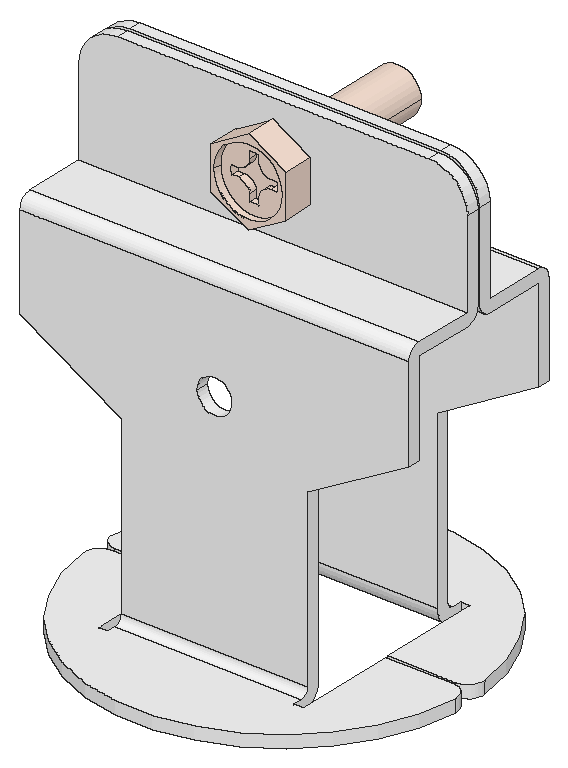
Revit family "Revolveクリップ(C40用)", category 機械設備, Revit 2020
Family settings
  丸型コネクタ寸法 = 直径を使用
  種別 = なし
  パーツ タイプ = 標準
  作業面ベース = いいえ
  常に垂直 = はい
  ロード時にボイドで切り取り = いいえ
  共有 = いいえ
  部屋計算ポイント = いいえ
Parameters
  製造元 = "株式会社桐井製作所"
  既定の高さ = 0 mm
  URL = "https://www.kirii.co.jp/"
  K_許容荷重(鉛直)(N) = 320
  K_品名 = "Revolveクリップ(C40用)"
  K_名称 = "クリップ"
  K_入数 = "100"
  K_バージョン情報 = "20250901"
Reference planes
  plane 1 "中心(正面/背面)": y = 0
  plane 2: z = 0
  plane 3 "中心(左/右)": x = 0
  plane 4: x = 24.999
  plane 5: x = -25.001
Forms (mm)
  Extrusion 1, void
    sketch origin (-25.001, 13.213, 3.69) x (1, 0, 0) y (0, 0, 1)
      loop
        circle (25.001, 28.2) r 2.251
    from 2.013 to 3.613
  Extrusion 2, void
    sketch origin (-25.001, -1.6, -0.1) x (1, 0, 0) y (0, 0, 1)
      loop
        line (0, 62.3) -> (0, 57.4)
        arc (0, 57.4) -> (1.499, 60.871) -> (4.999, 62.3) r 5
        line (4.999, 62.3) -> (0, 62.3)
    from -3.4 to -1.8
  Extrusion 3, solid
    sketch origin (-25.005, 0, 0.991) x (1, 0, 0) y (0, 0, 1)
      loop
        circle (25.005, 53.209) r 4.3
      loop
        circle (25.005, 53.209) r 3
    from -3.4 to -1.6
  Extrusion 4, void
    sketch origin (-25.001, -0.025, -0.21) x (1, 0, 0) y (0, 0, 1)
      loop
        circle (25, 54.399) r 3.5
    from -1.825 to -0.225
  Extrusion 5, solid
    sketch origin (-25.001, -0.4, 0) x (0, -1, 0) y (0, 0, -1)
      loop
        line (-0.6, -62.2) -> (-0.6, -46.2)
        arc (-0.6, -46.2) -> (-1.069, -45.069) -> (-2.2, -44.6) r 1.6
        line (-2.2, -44.6) -> (-10, -44.6) -> (-10, -2.5)
        arc (-10, -2.5) -> (-10.768, -0.697) -> (-12.6, -0.002) r 2.5
        line (-12.6, -0.002) -> (-12.6, -1.6)
        arc (-12.6, -1.6) -> (-11.893, -1.893) -> (-11.6, -2.6) r 1
        line (-11.6, -2.6) -> (-11.6, -44.6)
        arc (-11.6, -44.6) -> (-11.131, -45.731) -> (-10, -46.2) r 1.6
        line (-10, -46.2) -> (-2.2, -46.2) -> (-2.2, -62.2) -> (-0.6, -62.2)
    from 0 to 50
  Extrusion 6, solid
    sketch origin (0, 0, 0) x (1, 0, 0) y (0, 1, 0)
      loop
        arc (23.905, 2.382) -> (0.004, 24.2) -> (-23.896, 2.382) r 24
        arc (-23.896, 2.382) -> (-23.382, 0.852) -> (-21.905, 0.2) r 2
        line (-21.905, 0.2) -> (21.913, 0.2)
        arc (21.913, 0.2) -> (23.39, 0.852) -> (23.905, 2.382) r 2
    from 0 to 1.6
  Extrusion 7, void
    sketch origin (-25.001, 14.825, 0) x (1, 0, 0) y (0, 0, 1)
      loop
        line (0, 32.597) -> (0, -0.495) -> (13, -0.495) -> (13, 25.092) -> (0, 32.597)
    from 2.625 to 5.741
  Extrusion 8, void
    sketch origin (24.999, 14.825, 0) x (-1, 0, 0) y (0, 0, -1)
      loop
        line (0, -32.597) -> (13, -25.092) -> (13, 0.495) -> (0, 0.495) -> (0, -32.597)
    from 2.625 to 5.741
  Extrusion 9, void
    sketch origin (-183.265, 0.2, 0) x (1, 0, 0) y (0, 1, 0)
      loop
        line (171.269, 13.2) -> (170.069, 13.2) -> (170.069, 0) -> (196.469, 0) -> (196.469, 13.2) -> (195.269, 13.2) -> (195.269, 12) -> (171.269, 12) -> (171.269, 13.2)
    from 0 to 1.6
  Extrusion 10, void
    sketch origin (25.001, -1.6, -0.1) x (-1, 0, 0) y (0, 0, -1)
      loop
        line (0, -62.3) -> (4.999, -62.3)
        arc (4.999, -62.3) -> (1.499, -60.871) -> (0, -57.4) r 5
        line (0, -57.4) -> (0, -62.3)
    from -3.4 to -1.8
  Extrusion 11, void
    sketch origin (-25.001, -13.213, 3.69) x (1, 0, 0) y (0, 0, -1)
      loop
        circle (25.001, -28.2) r 2.251
    from 2.013 to 3.613
  Extrusion 12, void
    sketch origin (-25.001, 1.6, -0.1) x (1, 0, 0) y (0, 0, -1)
      loop
        line (0, -62.3) -> (4.999, -62.3)
        arc (4.999, -62.3) -> (1.499, -60.871) -> (0, -57.4) r 5
        line (0, -57.4) -> (0, -62.3)
    from -3.4 to -1.8
  Extrusion 13, void
    sketch origin (-25.001, 0.025, -0.21) x (1, 0, 0) y (0, 0, -1)
      loop
        circle (25, -54.399) r 3.5
    from -1.825 to -0.225
  Extrusion 14, solid
    sketch origin (-25.001, 0.4, 0) x (0, 1, 0) y (0, 0, 1)
      loop
        line (-0.6, 62.2) -> (-2.2, 62.2) -> (-2.2, 46.2) -> (-10, 46.2)
        arc (-10, 46.2) -> (-11.131, 45.731) -> (-11.6, 44.6) r 1.6
        line (-11.6, 44.6) -> (-11.6, 2.6)
        arc (-11.6, 2.6) -> (-11.893, 1.893) -> (-12.6, 1.6) r 1
        line (-12.6, 1.6) -> (-12.6, 0.002)
        arc (-12.6, 0.002) -> (-10.768, 0.697) -> (-10, 2.5) r 2.5
        line (-10, 2.5) -> (-10, 44.6) -> (-2.2, 44.6)
        arc (-2.2, 44.6) -> (-1.069, 45.069) -> (-0.6, 46.2) r 1.6
        line (-0.6, 46.2) -> (-0.6, 62.2)
    from 0 to 50
  Extrusion 15, void
    sketch origin (24.999, -14.825, 0) x (-1, 0, 0) y (0, 0, 1)
      loop
        line (0, 32.597) -> (0, -0.495) -> (13, -0.495) -> (13, 25.092) -> (0, 32.597)
    from 2.625 to 5.741
  Extrusion 16, void
    sketch origin (-183.265, -0.2, 0) x (1, 0, 0) y (0, 1, 0)
      loop
        line (171.269, -13.2) -> (171.269, -12) -> (195.269, -12) -> (195.269, -13.2) -> (196.469, -13.2) -> (196.469, 0) -> (170.069, 0) -> (170.069, -13.2) -> (171.269, -13.2)
    from 0 to 1.6
  Extrusion 17, void
    sketch origin (25.001, 1.6, -0.1) x (-1, 0, 0) y (0, 0, 1)
      loop
        line (0, 62.3) -> (0, 57.4)
        arc (0, 57.4) -> (1.499, 60.871) -> (4.999, 62.3) r 5
        line (4.999, 62.3) -> (0, 62.3)
    from -3.4 to -1.8
  Extrusion 18, void
    sketch origin (-24.999, -14.825, 0) x (1, 0, 0) y (0, 0, -1)
      loop
        line (0, -32.597) -> (13, -25.092) -> (13, 0.495) -> (0, 0.495) -> (0, -32.597)
    from 2.625 to 5.741
  Extrusion 19, solid
    sketch origin (0, 0, 0) x (1, 0, 0) y (0, 1, 0)
      loop
        arc (23.905, -2.382) -> (23.39, -0.852) -> (21.913, -0.2) r 2
        line (21.913, -0.2) -> (-21.905, -0.2)
        arc (-21.905, -0.2) -> (-23.382, -0.852) -> (-23.896, -2.382) r 2
        arc (-23.896, -2.382) -> (0.004, -24.2) -> (23.905, -2.382) r 24
    from 0 to 1.6
Cuts and joins
  Extrusion 1, Extrusion 2, Extrusion 4, Extrusion 7, Extrusion 8, Extrusion 10, Extrusion 11, Extrusion 12, Extrusion 13, Extrusion 15 cuts Extrusion 5
  Extrusion 9, Extrusion 15, Extrusion 16 cuts Extrusion 6
  joined: Extrusion 5, Extrusion 6
  Extrusion 13 cuts Extrusion 3
  Extrusion 11, Extrusion 12, Extrusion 15, Extrusion 17, Extrusion 18 cuts Extrusion 14
  Extrusion 16 cuts Extrusion 19
  joined: Extrusion 14, Extrusion 19
Dimensions and locks
  aligned and locked: level to plane 2
Nested families
  nested 1: "M6×20ボルト" at (0.011, -1.8, 54.419), type "M6×20ボルト"
Definition of nested family "M6×20ボルト"
  Parameters (values of type "M6×20ボルト")
    Manufacturer = "株式会社桐井製作所"
    Default Elevation = 0 mm
    URL = "https://www.kirii.co.jp/"
    K_材料規格 = "M6×L20"
    K_品名 = "M6×20ボルト"
    K_名称 = "ボルト"
  Reference planes
    plane 1 "中心(正面/背面)": y = 0
    plane 2: z = 0
    plane 3 "中心(左/右)": x = 0
    plane 4 "正面": y = -4
  Forms (mm)
    Extrusion 1, solid
      sketch origin (0, 0, 0) x (1, 0, 0) y (0, 0, 1)
        loop
          line (-4.763, -2.946) -> (0, -5.696) -> (4.763, -2.946) -> (4.763, 2.554) -> (0, 5.304) -> (-4.763, 2.554) -> (-4.763, -2.946)
      from 0 to 4
    Extrusion 2, void
      sketch origin (0, -4, 0) x (-1, 0, 0) y (0, 0, 1)
        loop
          circle (0, -0.156) r 4.396
      from 0 to 1
    Extrusion 3, void
      sketch origin (0, -4, 0) x (-1, 0, 0) y (0, 0, 1)
        loop
          arc (-0.6, 1.814) -> (-1.069, 0.856) -> (-2.036, 0.404) r 1.605
          line (-2.036, 0.404) -> (-2.939, 0.404)
          arc (-2.939, 0.404) -> (-3, -0.195) -> (-2.94, -0.795) r 3
          line (-2.94, -0.795) -> (-2.049, -0.795)
          arc (-2.049, -0.795) -> (-1.074, -1.243) -> (-0.6, -2.206) r 1.605
          line (-0.6, -2.206) -> (-0.6, -3.135)
          arc (-0.6, -3.135) -> (0, -3.196) -> (0.6, -3.135) r 3
          line (0.6, -3.135) -> (0.6, -2.206)
          arc (0.6, -2.206) -> (1.074, -1.243) -> (2.049, -0.795) r 1.605
          line (2.049, -0.795) -> (2.94, -0.795)
          arc (2.94, -0.795) -> (3, -0.198) -> (2.941, 0.398) r 3
          line (2.941, 0.398) -> (2.117, 0.398)
          arc (2.117, 0.398) -> (1.098, 0.828) -> (0.6, 1.814) r 1.605
          line (0.6, 1.814) -> (0.6, 2.743)
          arc (0.6, 2.743) -> (0, 2.804) -> (-0.6, 2.743) r 3
          line (-0.6, 2.743) -> (-0.6, 1.814)
      from 0 to 2
    Extrusion 4, solid
      sketch origin (0, 0, 0) x (1, 0, 0) y (0, 0, 1)
        loop
          circle (-0.011, -0.2) r 3
      from 0 to -20
  Cuts and joins
    Extrusion 2, Extrusion 3 cuts Extrusion 1
    joined: Extrusion 1, Extrusion 4
  Dimensions and locks
    aligned and locked: level to plane 2
